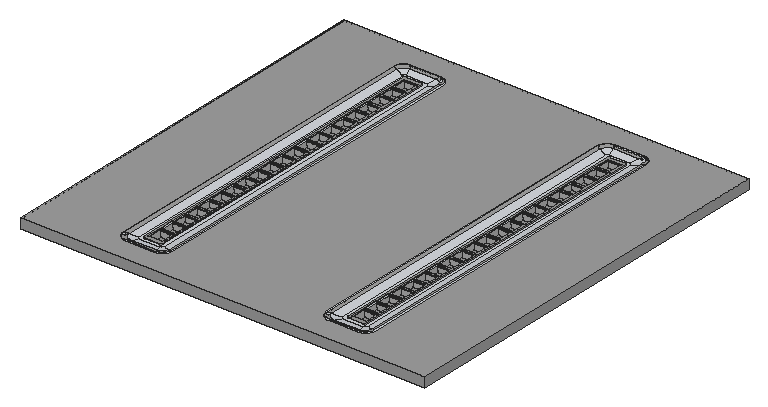
Revit family "0044010 Sylvania Lighting Fixture OptiClip 600 3000K C8 WH SSC WHITE", category Lighting Fixtures, host Face, Revit 2016
Family settings
  Host = Face
  Part Type = Normal
  Round Connector Dimension = Use Diameter
  OmniClass Number = 23.80.70.00
  OmniClass Title = Lighting
  Cut with Voids When Loaded = No
  Light Source = Yes
  Shared = No
  Room Calculation Point = No
Parameters (values of type "Type Name")
  spacer height = 5 mm
  spacer centres = 1000 mm
  height = 14.63 mm
  cut out width = 590 mm
  cut out length = 590 mm
  Width = 595 mm
  Weight = ""
  Wattage Comments = ""
  Wattage = 9.2903 W
  WarrantyStartDate [instance] = "n/a"
  WarrantyGuarantorParts = "n/a"
  WarrantyDurationUnit = "n/a"
  WarrantyDurationParts = "n/a"
  WarrantyDescription = "n/a"
  built-in parameter 1150110 = 1 (stored number, unit not read)
  Voltage = 0 V
  URL = "http://www.feilosylvania.com"
  TypeName = ""
  Type Image = <None>
  Type Comments = "n/a"
  built-in parameter 1114217 = 1 (stored number, unit not read)
  Tilt Angle = 90.00°
  built-in parameter 1150109 = 1 (stored number, unit not read)
  built-in parameter 1150134 = 3
  built-in parameter 1150113 = 1 (stored number, unit not read)
  SerialNumber [instance] = "n/a"
  Photometric Web File = "0044010.ies"
  Material_3_FEILO = none
  PowerFactor = 0
  PowerConsumption = ""
  NominalLength = 0 mm
  NominalHeight = 0 mm
  NominalDepth = 0 mm
  Name = ""
  ModelReference = Name  # ""
  ModelNumber = ""
  Model = Name  # ""
  Material = ""
  ManufacturerName = "Feilo Sylvania"
  Manufacturer = "Feilo Sylvania"
  LuminousEfficacy = ""
  built-in parameter 1150105 = 109.82 (stored number, unit not read)
  Lumens = 1380 lm
  LuminaireType = ""
  built-in parameter 1150115 = 1 (stored number, unit not read)
  LightOutputRatio = ""
  built-in parameter 1150137 = (empty or 0)
  built-in parameter 1150139 = (empty or 0)
  Length = 595 mm
  LampsType = Lamp  # ""
  LampNominalLuminous = ""
  LampMacAdamStep = ""
  LampColourTemperature = ""
  LampColourRenderingIndex = ""
  built-in parameter 1150112 = 1 (stored number, unit not read)
  built-in parameter 1150114 = 1 (stored number, unit not read)
  Lamp = ""
  Keynote = "16500"
  InstallationDate [instance] = "n/a"
  InputVoltage = ""
  InputNominalFrequency = ""
  built-in parameter 1150132 = (empty or 0)
  built-in parameter 1150102 = (empty or 0)
  built-in parameter 1150107 = 3200 (stored number, unit not read)
  built-in parameter 1150138 = (empty or 0)
  IngressProtection = ""
  ImpactProtectionIndex = ""
  built-in parameter 1150106 = 1.0982 (stored number, unit not read)
  IfcExportType = "IfcLightFixtureType"
  IfcExportAs = "IfcLightFixtureType"
  Height = 50 mm
  ExpectedLife = 50000
  Emit from Circle Diameter = 609.6 mm
  Emit Shape Visible in Rendering = no
  ElectricShockClassification = ""
  built-in parameter 1150104 = 13.8 (stored number, unit not read)
  DurationUnit = "hours"
  DocumentationLiterature = ""
  DimmingControlOptions = ""
  Material_2_FEILO = none
  Dimming Lamp Color Temperature Shift = <None>
  Description = ""
  Default Elevation = 1219.2 mm
  CreatedOn = ""
  CreatedBy = ""
  Cost = 0
  Color Filter = 16777215
  built-in parameter 1114216 [instance] = (empty or 0)
  ClassificationValue = "EF_70_80"
  ClassificationName = "Uniclass2015"
  Material_1_FEILO = none
  BarCode [instance] = "n/a"
  built-in parameter 1114218 = 1 (stored number, unit not read)
  built-in parameter 1150133 = 10 (stored number, unit not read)
  AssetType = ""
  AssetIdentifier [instance] = "n/a"
  Assembly Code = "D5020200"
  Apparent Load = 0 VA
  Material_4_FEILO = none
Reference planes
  plane 1 "Center (Front/Back)": y = 0
  plane 2: z = 0
  plane 3 "Center (Left/Right)": x = 0
  plane 4: z = 0
  plane 5: y = 297.5
  plane 6: y = -297.5
  plane 7: x = -297.5
  plane 8: x = 297.5
  plane 9: x = -295
  plane 10: x = 295
  plane 11: y = 295
  plane 12: y = -295
  plane 13: z = -14.63
  plane 14: y = 296.5
  plane 15: x = -296.5
  plane 16: x = 296.5
  plane 17: y = -296.5
  plane 18: x = -185
  plane 19: x = -113
  plane 20: y = -246.5
  plane 21: x = -184
  plane 22: y = 262
  plane 23: x = -114
  plane 24: y = -262
  plane 25: y = 245.5
  plane 26: y = -245.345
  plane 27: x = -160
  plane 28: x = -138
  plane 29: y = 236.5
  plane 30: y = -236.345
  plane 31: y = 213.35
  plane 32: y = 212.35
  plane 33: y = 190.95
  plane 34: y = 189.95
  plane 35: y = 168.595
  plane 36: y = 167.595
  plane 37: y = 146.15
  plane 38: y = 145.15
  plane 39: y = 123.75
  plane 40: y = 122.75
  plane 41: y = 101.35
  plane 42: y = 100.35
  plane 43: y = 78.95
  plane 44: y = 77.95
  plane 45: y = 56.576
  plane 46: y = 55.576
  plane 47: y = 34.15
  plane 48: y = 33.15
  plane 49: y = 11.75
  plane 50: y = 10.75
  plane 51: y = -10.65
  plane 52: y = -11.65
  plane 53: y = -33.05
  plane 54: y = -34.05
  plane 55: y = -55.45
  plane 56: y = -56.45
  plane 57: y = -77.805
  plane 58: y = -78.805
  plane 59: y = -100.25
  plane 60: y = -101.25
  plane 61: y = -122.65
  plane 62: y = -123.65
  plane 63: y = -145.05
  plane 64: y = -146.05
  plane 65: y = -167.45
  plane 66: y = -168.416
  plane 67: y = -189.816
  plane 68: y = -190.816
  plane 69: y = -212.216
  plane 70: y = -213.216
  plane 71: y = -234.616
  plane 72: x = -159.5
  plane 73: x = -138.539
  plane 74: y = 230.05
  plane 75: y = 218.05
  plane 76: x = -143.039
  plane 77: x = -155
  plane 78: x = -162.5
  plane 79: x = -135.5
  plane 80: y = 240.5
  plane 81: y = -240.345
  plane 82: y = 238
Forms (mm)
  Extrusion 1, void, detail levels medium+fine
    sketch origin (4.2, 0, 0) x (0, 1, 0) y (1, 0, 0)
      loop
        line (295, -299.2) -> (295, 290.8) -> (-295, 290.8) -> (-295, -299.2) -> (295, -299.2)
    from 0 to 10
  Extrusion 2, solid, material "Default", detail levels medium+fine
    sketch origin (4.2, 0, 0) x (1, 0, 0) y (0, 1, 0)
      loop
        line (-301.7, 297.5) -> (-301.7, -297.5) -> (293.3, -297.5) -> (293.3, 297.5) -> (-301.7, 297.5)
    from 0 to -14.63
  Extrusion 3, void, detail levels medium+fine
    sketch origin (4.2, 0, 0) x (0, 1, 0) y (1, 0, 0)
      loop
        line (296.5, -300.7) -> (296.5, 292.3) -> (-296.5, 292.3) -> (-296.5, -300.7) -> (296.5, -300.7)
    from 1.008 to 14.63
  Blend 4, solid, detail levels medium+fine
    base sketch origin (4.2, 0, 0) x (1, 0, 0) y (0, 1, 0)
      loop
        line (-189.2, 248) -> (-189.2, -248)
        arc (-189.2, -248) -> (-184.807, -258.607) -> (-174.2, -263) r 15
        line (-174.2, -263) -> (-132.2, -263)
        arc (-132.2, -263) -> (-121.593, -258.607) -> (-117.2, -248) r 15
        line (-117.2, -248) -> (-117.2, 248)
        arc (-117.2, 248) -> (-121.593, 258.607) -> (-132.2, 263) r 15
        line (-132.2, 263) -> (-174.2, 263)
        arc (-174.2, 263) -> (-184.807, 258.607) -> (-189.2, 248) r 15
    top sketch origin (4.2, 0, 0) x (1, 0, 0) y (0, 1, 0)
      loop
        line (-172.7, 242.5) -> (-172.7, -242.5)
        arc (-172.7, -242.5) -> (-171.517, -245.34) -> (-168.667, -246.5) r 4
        line (-168.667, -246.5) -> (-137.633, -246.5)
        arc (-137.633, -246.5) -> (-134.828, -245.324) -> (-133.7, -242.5) r 3.934
        line (-133.7, -242.5) -> (-133.7, 242.5)
        arc (-133.7, 242.5) -> (-134.982, 245.439) -> (-138.008, 246.5) r 4.011
        line (-138.008, 246.5) -> (-168.7, 246.5)
        arc (-168.7, 246.5) -> (-171.528, 245.328) -> (-172.7, 242.5) r 4
    from 0 to -4
  Blend 5, void
    base sketch origin (4.2, 0, 0) x (0, 1, 0) y (-1, 0, 0)
      loop
        line (248, 188.2) -> (-248, 188.2)
        arc (-248, 188.2) -> (-257.899, 184.099) -> (-262, 174.2) r 14
        line (-262, 174.2) -> (-262, 132.2)
        arc (-262, 132.2) -> (-257.899, 122.301) -> (-248, 118.2) r 14
        line (-248, 118.2) -> (248, 118.2)
        arc (248, 118.2) -> (257.899, 122.301) -> (262, 132.2) r 14
        line (262, 132.2) -> (262, 174.2)
        arc (262, 174.2) -> (257.899, 184.099) -> (248, 188.2) r 14
    top sketch origin (4.2, 0, 0) x (0, 1, 0) y (-1, 0, 0)
      loop
        line (242.5, 171.7) -> (-242.5, 171.7)
        arc (-242.5, 171.7) -> (-244.579, 170.8) -> (-245.345, 168.667) r 2.851
        line (-245.345, 168.667) -> (-245.345, 137.633)
        arc (-245.345, 137.633) -> (-244.517, 135.59) -> (-242.5, 134.7) r 2.934
        line (-242.5, 134.7) -> (242.5, 134.7)
        arc (242.5, 134.7) -> (244.733, 135.69) -> (245.5, 138.008) r 3.014
        line (245.5, 138.008) -> (245.5, 168.7)
        arc (245.5, 168.7) -> (244.621, 170.821) -> (242.5, 171.7) r 3
    from 0 to -3.5
  Extrusion 6, solid, material "Aluminum 1100-H18", detail levels medium+fine
    sketch origin (4.2, 0, 0) x (1, 0, 0) y (0, 1, 0)
      loop
        line (-164.2, 236.5) -> (-164.2, -236.345) -> (-142.2, -236.345) -> (-142.2, 236.5) -> (-164.2, 236.5)
    from -4 to -14.63
  Extrusion 7, solid, material "Aluminum 1100-H18", detail levels medium+fine
    sketch origin (4.2, 0, 0) x (1, 0, 0) y (0, 1, 0)
      loop
        line (-166.7, 238) -> (-166.7, -238.071)
        arc (-166.7, -238.071) -> (-165.953, -239.761) -> (-164.2, -240.345) r 2.284
        line (-164.2, -240.345) -> (-142.156, -240.345)
        arc (-142.156, -240.345) -> (-140.483, -239.689) -> (-139.7, -238.071) r 2.464
        line (-139.7, -238.071) -> (-139.7, 238)
        arc (-139.7, 238) -> (-140.432, 239.768) -> (-142.2, 240.5) r 2.5
        line (-142.2, 240.5) -> (-164.2, 240.5)
        arc (-164.2, 240.5) -> (-165.968, 239.768) -> (-166.7, 238) r 2.5
    from -3.5 to -2.5
  Blend 8, void
    base sketch origin (4.2, 0, 0) x (0, 1, 0) y (-1, 0, 0)
      loop
        line (234.75, 163.7) -> (213.35, 163.7) -> (213.35, 142.739) -> (234.75, 142.739) -> (234.75, 163.7)
    top sketch origin (4.2, 0, 0) x (0, 1, 0) y (-1, 0, 0)
      loop
        line (230.05, 159.2) -> (218.05, 159.2) -> (218.05, 147.239) -> (230.05, 147.239) -> (230.05, 159.2)
    from -2.5 to -11
  Blend 9, void
    base sketch origin (4.2, -22.4, 0) x (0, 1, 0) y (-1, 0, 0)
      loop
        line (234.75, 163.7) -> (213.35, 163.7) -> (213.35, 142.739) -> (234.75, 142.739) -> (234.75, 163.7)
    top sketch origin (4.2, -22.4, 0) x (0, 1, 0) y (-1, 0, 0)
      loop
        line (230.05, 159.2) -> (218.05, 159.2) -> (218.05, 147.239) -> (230.05, 147.239) -> (230.05, 159.2)
    from -2.5 to -11
  Blend 10, void
    base sketch origin (4.2, -44.8, 0) x (0, 1, 0) y (-1, 0, 0)
      loop
        line (234.75, 163.7) -> (213.35, 163.7) -> (213.35, 142.739) -> (234.75, 142.739) -> (234.75, 163.7)
    top sketch origin (4.2, -44.8, 0) x (0, 1, 0) y (-1, 0, 0)
      loop
        line (230.05, 159.2) -> (218.05, 159.2) -> (218.05, 147.239) -> (230.05, 147.239) -> (230.05, 159.2)
    from -2.5 to -11
  Blend 11, void
    base sketch origin (4.2, -67.155, 0) x (0, 1, 0) y (-1, 0, 0)
      loop
        line (234.75, 163.7) -> (213.35, 163.7) -> (213.35, 142.739) -> (234.75, 142.739) -> (234.75, 163.7)
    top sketch origin (4.2, -67.155, 0) x (0, 1, 0) y (-1, 0, 0)
      loop
        line (230.05, 159.2) -> (218.05, 159.2) -> (218.05, 147.239) -> (230.05, 147.239) -> (230.05, 159.2)
    from -2.5 to -11
  Blend 12, void
    base sketch origin (4.2, -89.6, 0) x (0, 1, 0) y (-1, 0, 0)
      loop
        line (234.75, 163.7) -> (213.35, 163.7) -> (213.35, 142.739) -> (234.75, 142.739) -> (234.75, 163.7)
    top sketch origin (4.2, -89.6, 0) x (0, 1, 0) y (-1, 0, 0)
      loop
        line (230.05, 159.2) -> (218.05, 159.2) -> (218.05, 147.239) -> (230.05, 147.239) -> (230.05, 159.2)
    from -2.5 to -11
  Blend 13, void
    base sketch origin (4.2, -112, 0) x (0, 1, 0) y (-1, 0, 0)
      loop
        line (234.75, 163.7) -> (213.35, 163.7) -> (213.35, 142.739) -> (234.75, 142.739) -> (234.75, 163.7)
    top sketch origin (4.2, -112, 0) x (0, 1, 0) y (-1, 0, 0)
      loop
        line (230.05, 159.2) -> (218.05, 159.2) -> (218.05, 147.239) -> (230.05, 147.239) -> (230.05, 159.2)
    from -2.5 to -11
  Blend 14, void
    base sketch origin (4.2, -134.4, 0) x (0, 1, 0) y (-1, 0, 0)
      loop
        line (234.75, 163.7) -> (213.35, 163.7) -> (213.35, 142.739) -> (234.75, 142.739) -> (234.75, 163.7)
    top sketch origin (4.2, -134.4, 0) x (0, 1, 0) y (-1, 0, 0)
      loop
        line (230.05, 159.2) -> (218.05, 159.2) -> (218.05, 147.239) -> (230.05, 147.239) -> (230.05, 159.2)
    from -2.5 to -11
  Blend 15, void
    base sketch origin (4.2, -156.8, 0) x (0, 1, 0) y (-1, 0, 0)
      loop
        line (234.75, 163.7) -> (213.35, 163.7) -> (213.35, 142.739) -> (234.75, 142.739) -> (234.75, 163.7)
    top sketch origin (4.2, -156.8, 0) x (0, 1, 0) y (-1, 0, 0)
      loop
        line (230.05, 159.2) -> (218.05, 159.2) -> (218.05, 147.239) -> (230.05, 147.239) -> (230.05, 159.2)
    from -2.5 to -11
  Blend 16, void
    base sketch origin (4.2, -179.174, 0) x (0, 1, 0) y (-1, 0, 0)
      loop
        line (234.75, 163.7) -> (213.35, 163.7) -> (213.35, 142.739) -> (234.75, 142.739) -> (234.75, 163.7)
    top sketch origin (4.2, -179.174, 0) x (0, 1, 0) y (-1, 0, 0)
      loop
        line (230.05, 159.2) -> (218.05, 159.2) -> (218.05, 147.239) -> (230.05, 147.239) -> (230.05, 159.2)
    from -2.5 to -11
  Blend 17, void
    base sketch origin (4.2, -201.6, 0) x (0, 1, 0) y (-1, 0, 0)
      loop
        line (234.75, 163.7) -> (213.35, 163.7) -> (213.35, 142.739) -> (234.75, 142.739) -> (234.75, 163.7)
    top sketch origin (4.2, -201.6, 0) x (0, 1, 0) y (-1, 0, 0)
      loop
        line (230.05, 159.2) -> (218.05, 159.2) -> (218.05, 147.239) -> (230.05, 147.239) -> (230.05, 159.2)
    from -2.5 to -11
  Blend 18, void
    base sketch origin (4.2, -224, 0) x (0, 1, 0) y (-1, 0, 0)
      loop
        line (234.75, 163.7) -> (213.35, 163.7) -> (213.35, 142.739) -> (234.75, 142.739) -> (234.75, 163.7)
    top sketch origin (4.2, -224, 0) x (0, 1, 0) y (-1, 0, 0)
      loop
        line (230.05, 159.2) -> (218.05, 159.2) -> (218.05, 147.239) -> (230.05, 147.239) -> (230.05, 159.2)
    from -2.5 to -11
  Blend 19, void
    base sketch origin (4.2, -246.4, 0) x (0, 1, 0) y (-1, 0, 0)
      loop
        line (234.75, 163.7) -> (213.35, 163.7) -> (213.35, 142.739) -> (234.75, 142.739) -> (234.75, 163.7)
    top sketch origin (4.2, -246.4, 0) x (0, 1, 0) y (-1, 0, 0)
      loop
        line (230.05, 159.2) -> (218.05, 159.2) -> (218.05, 147.239) -> (230.05, 147.239) -> (230.05, 159.2)
    from -2.5 to -11
  Blend 20, void
    base sketch origin (4.2, -268.8, 0) x (0, 1, 0) y (-1, 0, 0)
      loop
        line (234.75, 163.7) -> (213.35, 163.7) -> (213.35, 142.739) -> (234.75, 142.739) -> (234.75, 163.7)
    top sketch origin (4.2, -268.8, 0) x (0, 1, 0) y (-1, 0, 0)
      loop
        line (230.05, 159.2) -> (218.05, 159.2) -> (218.05, 147.239) -> (230.05, 147.239) -> (230.05, 159.2)
    from -2.5 to -11
  Blend 21, void
    base sketch origin (4.2, -291.2, 0) x (0, 1, 0) y (-1, 0, 0)
      loop
        line (234.75, 163.7) -> (213.35, 163.7) -> (213.35, 142.739) -> (234.75, 142.739) -> (234.75, 163.7)
    top sketch origin (4.2, -291.2, 0) x (0, 1, 0) y (-1, 0, 0)
      loop
        line (230.05, 159.2) -> (218.05, 159.2) -> (218.05, 147.239) -> (230.05, 147.239) -> (230.05, 159.2)
    from -2.5 to -11
  Blend 22, void
    base sketch origin (4.2, -313.555, 0) x (0, 1, 0) y (-1, 0, 0)
      loop
        line (234.75, 163.7) -> (213.35, 163.7) -> (213.35, 142.739) -> (234.75, 142.739) -> (234.75, 163.7)
    top sketch origin (4.2, -313.555, 0) x (0, 1, 0) y (-1, 0, 0)
      loop
        line (230.05, 159.2) -> (218.05, 159.2) -> (218.05, 147.239) -> (230.05, 147.239) -> (230.05, 159.2)
    from -2.5 to -11
  Blend 23, void
    base sketch origin (4.2, -336, 0) x (0, 1, 0) y (-1, 0, 0)
      loop
        line (234.75, 163.7) -> (213.35, 163.7) -> (213.35, 142.739) -> (234.75, 142.739) -> (234.75, 163.7)
    top sketch origin (4.2, -336, 0) x (0, 1, 0) y (-1, 0, 0)
      loop
        line (230.05, 159.2) -> (218.05, 159.2) -> (218.05, 147.239) -> (230.05, 147.239) -> (230.05, 159.2)
    from -2.5 to -11
  Blend 24, void
    base sketch origin (4.2, -358.4, 0) x (0, 1, 0) y (-1, 0, 0)
      loop
        line (234.75, 163.7) -> (213.35, 163.7) -> (213.35, 142.739) -> (234.75, 142.739) -> (234.75, 163.7)
    top sketch origin (4.2, -358.4, 0) x (0, 1, 0) y (-1, 0, 0)
      loop
        line (230.05, 159.2) -> (218.05, 159.2) -> (218.05, 147.239) -> (230.05, 147.239) -> (230.05, 159.2)
    from -2.5 to -11
  Blend 25, void
    base sketch origin (4.2, -380.8, 0) x (0, 1, 0) y (-1, 0, 0)
      loop
        line (234.75, 163.7) -> (213.35, 163.7) -> (213.35, 142.739) -> (234.75, 142.739) -> (234.75, 163.7)
    top sketch origin (4.2, -380.8, 0) x (0, 1, 0) y (-1, 0, 0)
      loop
        line (230.05, 159.2) -> (218.05, 159.2) -> (218.05, 147.239) -> (230.05, 147.239) -> (230.05, 159.2)
    from -2.5 to -11
  Extrusion 26, solid, material "Glass, White, High Luminance", detail levels fine
    sketch origin (4.2, 0, 0) x (1, 0, 0) y (0, 1, 0)
      loop
        line (-159.2, 230.05) -> (-159.2, 218.05) -> (-147.239, 218.05) -> (-147.239, 230.05) -> (-159.2, 230.05)
    from -11 to -10
  Extrusion 27, solid, material "Glass, White, High Luminance", detail levels fine
    sketch origin (4.2, -22.4, 0) x (1, 0, 0) y (0, 1, 0)
      loop
        line (-159.2, 230.05) -> (-159.2, 218.05) -> (-147.239, 218.05) -> (-147.239, 230.05) -> (-159.2, 230.05)
    from -11 to -10
  Extrusion 28, solid, material "Glass, White, High Luminance", detail levels fine
    sketch origin (4.2, -44.8, 0) x (1, 0, 0) y (0, 1, 0)
      loop
        line (-159.2, 230.05) -> (-159.2, 218.05) -> (-147.239, 218.05) -> (-147.239, 230.05) -> (-159.2, 230.05)
    from -11 to -10
  Extrusion 29, solid, material "Glass, White, High Luminance", detail levels fine
    sketch origin (4.2, -67.155, 0) x (1, 0, 0) y (0, 1, 0)
      loop
        line (-159.2, 230.05) -> (-159.2, 218.05) -> (-147.239, 218.05) -> (-147.239, 230.05) -> (-159.2, 230.05)
    from -11 to -10
  Extrusion 30, solid, material "Glass, White, High Luminance", detail levels fine
    sketch origin (4.2, -89.6, 0) x (1, 0, 0) y (0, 1, 0)
      loop
        line (-159.2, 230.05) -> (-159.2, 218.05) -> (-147.239, 218.05) -> (-147.239, 230.05) -> (-159.2, 230.05)
    from -11 to -10
  Extrusion 31, solid, material "Glass, White, High Luminance", detail levels fine
    sketch origin (4.2, -112, 0) x (1, 0, 0) y (0, 1, 0)
      loop
        line (-159.2, 230.05) -> (-159.2, 218.05) -> (-147.239, 218.05) -> (-147.239, 230.05) -> (-159.2, 230.05)
    from -11 to -10
  Extrusion 32, solid, material "Glass, White, High Luminance", detail levels fine
    sketch origin (4.2, -134.4, 0) x (1, 0, 0) y (0, 1, 0)
      loop
        line (-159.2, 230.05) -> (-159.2, 218.05) -> (-147.239, 218.05) -> (-147.239, 230.05) -> (-159.2, 230.05)
    from -11 to -10
  Extrusion 33, solid, material "Glass, White, High Luminance", detail levels fine
    sketch origin (4.2, -156.8, 0) x (1, 0, 0) y (0, 1, 0)
      loop
        line (-159.2, 230.05) -> (-159.2, 218.05) -> (-147.239, 218.05) -> (-147.239, 230.05) -> (-159.2, 230.05)
    from -11 to -10
  Extrusion 34, solid, material "Glass, White, High Luminance", detail levels fine
    sketch origin (4.2, -179.174, 0) x (1, 0, 0) y (0, 1, 0)
      loop
        line (-159.2, 230.05) -> (-159.2, 218.05) -> (-147.239, 218.05) -> (-147.239, 230.05) -> (-159.2, 230.05)
    from -11 to -10
  Extrusion 35, solid, material "Glass, White, High Luminance", detail levels fine
    sketch origin (4.2, -201.6, 0) x (1, 0, 0) y (0, 1, 0)
      loop
        line (-159.2, 230.05) -> (-159.2, 218.05) -> (-147.239, 218.05) -> (-147.239, 230.05) -> (-159.2, 230.05)
    from -11 to -10
  Extrusion 36, solid, material "Glass, White, High Luminance", detail levels fine
    sketch origin (4.2, -224, 0) x (1, 0, 0) y (0, 1, 0)
      loop
        line (-159.2, 230.05) -> (-159.2, 218.05) -> (-147.239, 218.05) -> (-147.239, 230.05) -> (-159.2, 230.05)
    from -11 to -10
  Extrusion 37, solid, material "Glass, White, High Luminance", detail levels fine
    sketch origin (4.2, -246.4, 0) x (1, 0, 0) y (0, 1, 0)
      loop
        line (-159.2, 230.05) -> (-159.2, 218.05) -> (-147.239, 218.05) -> (-147.239, 230.05) -> (-159.2, 230.05)
    from -11 to -10
  Extrusion 38, solid, material "Glass, White, High Luminance", detail levels fine
    sketch origin (4.2, -268.8, 0) x (1, 0, 0) y (0, 1, 0)
      loop
        line (-159.2, 230.05) -> (-159.2, 218.05) -> (-147.239, 218.05) -> (-147.239, 230.05) -> (-159.2, 230.05)
    from -11 to -10
  Extrusion 39, solid, material "Glass, White, High Luminance", detail levels fine
    sketch origin (4.2, -291.2, 0) x (1, 0, 0) y (0, 1, 0)
      loop
        line (-159.2, 230.05) -> (-159.2, 218.05) -> (-147.239, 218.05) -> (-147.239, 230.05) -> (-159.2, 230.05)
    from -11 to -10
  Extrusion 40, solid, material "Glass, White, High Luminance", detail levels fine
    sketch origin (4.2, -313.555, 0) x (1, 0, 0) y (0, 1, 0)
      loop
        line (-159.2, 230.05) -> (-159.2, 218.05) -> (-147.239, 218.05) -> (-147.239, 230.05) -> (-159.2, 230.05)
    from -11 to -10
  Extrusion 41, solid, material "Glass, White, High Luminance", detail levels fine
    sketch origin (4.2, -336, 0) x (1, 0, 0) y (0, 1, 0)
      loop
        line (-159.2, 230.05) -> (-159.2, 218.05) -> (-147.239, 218.05) -> (-147.239, 230.05) -> (-159.2, 230.05)
    from -11 to -10
  Extrusion 42, solid, material "Glass, White, High Luminance", detail levels fine
    sketch origin (4.2, -358.4, 0) x (1, 0, 0) y (0, 1, 0)
      loop
        line (-159.2, 230.05) -> (-159.2, 218.05) -> (-147.239, 218.05) -> (-147.239, 230.05) -> (-159.2, 230.05)
    from -11 to -10
  Extrusion 43, solid, material "Glass, White, High Luminance", detail levels fine
    sketch origin (4.2, -380.8, 0) x (1, 0, 0) y (0, 1, 0)
      loop
        line (-159.2, 230.05) -> (-159.2, 218.05) -> (-147.239, 218.05) -> (-147.239, 230.05) -> (-159.2, 230.05)
    from -11 to -10
  Extrusion 44, solid, material "Glass, White, High Luminance", detail levels fine
    sketch origin (3.419, -403.166, 0) x (1, 0, 0) y (0, 1, 0)
      loop
        line (-158.419, 230.05) -> (-158.419, 218.05) -> (-146.458, 218.05) -> (-146.458, 230.05) -> (-158.419, 230.05)
    from -11 to -10
  Extrusion 45, solid, material "Glass, White, High Luminance", detail levels fine
    sketch origin (3.419, -425.566, 0) x (1, 0, 0) y (0, 1, 0)
      loop
        line (-158.419, 230.05) -> (-158.419, 218.05) -> (-146.458, 218.05) -> (-146.458, 230.05) -> (-158.419, 230.05)
    from -11 to -10
  Extrusion 46, solid, material "Glass, White, High Luminance", detail levels fine
    sketch origin (3.419, -447.966, 0) x (1, 0, 0) y (0, 1, 0)
      loop
        line (-158.419, 230.05) -> (-158.419, 218.05) -> (-146.458, 218.05) -> (-146.458, 230.05) -> (-158.419, 230.05)
    from -11 to -10
  Blend 47, solid, detail levels medium+fine
    base sketch origin (303.2, 0, 0) x (1, 0, 0) y (0, 1, 0)
      loop
        line (-189.2, 248) -> (-189.2, -248)
        arc (-189.2, -248) -> (-184.807, -258.607) -> (-174.2, -263) r 15
        line (-174.2, -263) -> (-132.2, -263)
        arc (-132.2, -263) -> (-121.593, -258.607) -> (-117.2, -248) r 15
        line (-117.2, -248) -> (-117.2, 248)
        arc (-117.2, 248) -> (-121.593, 258.607) -> (-132.2, 263) r 15
        line (-132.2, 263) -> (-174.2, 263)
        arc (-174.2, 263) -> (-184.807, 258.607) -> (-189.2, 248) r 15
    top sketch origin (303.2, 0, 0) x (1, 0, 0) y (0, 1, 0)
      loop
        line (-172.7, 242.5) -> (-172.7, -242.5)
        arc (-172.7, -242.5) -> (-171.517, -245.34) -> (-168.667, -246.5) r 4
        line (-168.667, -246.5) -> (-137.633, -246.5)
        arc (-137.633, -246.5) -> (-134.828, -245.324) -> (-133.7, -242.5) r 3.934
        line (-133.7, -242.5) -> (-133.7, 242.5)
        arc (-133.7, 242.5) -> (-134.982, 245.439) -> (-138.008, 246.5) r 4.011
        line (-138.008, 246.5) -> (-168.7, 246.5)
        arc (-168.7, 246.5) -> (-171.528, 245.328) -> (-172.7, 242.5) r 4
    from 0 to -4
  Blend 48, void
    base sketch origin (303.2, 0, 0) x (0, 1, 0) y (-1, 0, 0)
      loop
        line (248, 188.2) -> (-248, 188.2)
        arc (-248, 188.2) -> (-257.899, 184.099) -> (-262, 174.2) r 14
        line (-262, 174.2) -> (-262, 132.2)
        arc (-262, 132.2) -> (-257.899, 122.301) -> (-248, 118.2) r 14
        line (-248, 118.2) -> (248, 118.2)
        arc (248, 118.2) -> (257.899, 122.301) -> (262, 132.2) r 14
        line (262, 132.2) -> (262, 174.2)
        arc (262, 174.2) -> (257.899, 184.099) -> (248, 188.2) r 14
    top sketch origin (303.2, 0, 0) x (0, 1, 0) y (-1, 0, 0)
      loop
        line (242.5, 171.7) -> (-242.5, 171.7)
        arc (-242.5, 171.7) -> (-244.579, 170.8) -> (-245.345, 168.667) r 2.851
        line (-245.345, 168.667) -> (-245.345, 137.633)
        arc (-245.345, 137.633) -> (-244.517, 135.59) -> (-242.5, 134.7) r 2.934
        line (-242.5, 134.7) -> (242.5, 134.7)
        arc (242.5, 134.7) -> (244.733, 135.69) -> (245.5, 138.008) r 3.014
        line (245.5, 138.008) -> (245.5, 168.7)
        arc (245.5, 168.7) -> (244.621, 170.821) -> (242.5, 171.7) r 3
    from 0 to -3.5
  Extrusion 49, solid, material "Aluminum 1100-H18", detail levels medium+fine
    sketch origin (304.2, 0, 0) x (1, 0, 0) y (0, 1, 0)
      loop
        line (-164.2, 236.5) -> (-164.2, -236.345) -> (-142.2, -236.345) -> (-142.2, 236.5) -> (-164.2, 236.5)
    from -4 to -14.63
  Blend 50, void
    base sketch origin (4.2, -403.166, 0) x (0, 1, 0) y (-1, 0, 0)
      loop
        line (234.75, 163.7) -> (213.35, 163.7) -> (213.35, 142.739) -> (234.75, 142.739) -> (234.75, 163.7)
    top sketch origin (4.2, -403.166, 0) x (0, 1, 0) y (-1, 0, 0)
      loop
        line (230.05, 159.2) -> (218.05, 159.2) -> (218.05, 147.239) -> (230.05, 147.239) -> (230.05, 159.2)
    from -2.5 to -11
  Blend 51, void
    base sketch origin (4.2, -425.566, 0) x (0, 1, 0) y (-1, 0, 0)
      loop
        line (234.75, 163.7) -> (213.35, 163.7) -> (213.35, 142.739) -> (234.75, 142.739) -> (234.75, 163.7)
    top sketch origin (4.2, -425.566, 0) x (0, 1, 0) y (-1, 0, 0)
      loop
        line (230.05, 159.2) -> (218.05, 159.2) -> (218.05, 147.239) -> (230.05, 147.239) -> (230.05, 159.2)
    from -2.5 to -11
  Blend 52, void
    base sketch origin (4.2, -447.966, 0) x (0, 1, 0) y (-1, 0, 0)
      loop
        line (234.75, 163.7) -> (213.35, 163.7) -> (213.35, 142.739) -> (234.75, 142.739) -> (234.75, 163.7)
    top sketch origin (4.2, -447.966, 0) x (0, 1, 0) y (-1, 0, 0)
      loop
        line (230.05, 159.2) -> (218.05, 159.2) -> (218.05, 147.239) -> (230.05, 147.239) -> (230.05, 159.2)
    from -2.5 to -11
  Extrusion 53, solid, material "Aluminum 1100-H18", detail levels medium+fine
    sketch origin (304.2, 0, 0) x (1, 0, 0) y (0, 1, 0)
      loop
        line (-166.7, 238) -> (-166.7, -238.071)
        arc (-166.7, -238.071) -> (-165.953, -239.761) -> (-164.2, -240.345) r 2.284
        line (-164.2, -240.345) -> (-142.156, -240.345)
        arc (-142.156, -240.345) -> (-140.483, -239.689) -> (-139.7, -238.071) r 2.464
        line (-139.7, -238.071) -> (-139.7, 238)
        arc (-139.7, 238) -> (-140.432, 239.768) -> (-142.2, 240.5) r 2.5
        line (-142.2, 240.5) -> (-164.2, 240.5)
        arc (-164.2, 240.5) -> (-165.968, 239.768) -> (-166.7, 238) r 2.5
    from -3.5 to -2.5
  Blend 54, void
    base sketch origin (304.2, 0, 0) x (0, 1, 0) y (-1, 0, 0)
      loop
        line (234.75, 163.7) -> (213.35, 163.7) -> (213.35, 142.739) -> (234.75, 142.739) -> (234.75, 163.7)
    top sketch origin (304.2, 0, 0) x (0, 1, 0) y (-1, 0, 0)
      loop
        line (230.05, 159.2) -> (218.05, 159.2) -> (218.05, 147.239) -> (230.05, 147.239) -> (230.05, 159.2)
    from -2.5 to -11
  Blend 55, void
    base sketch origin (304.2, -22.4, 0) x (0, 1, 0) y (-1, 0, 0)
      loop
        line (234.75, 163.7) -> (213.35, 163.7) -> (213.35, 142.739) -> (234.75, 142.739) -> (234.75, 163.7)
    top sketch origin (304.2, -22.4, 0) x (0, 1, 0) y (-1, 0, 0)
      loop
        line (230.05, 159.2) -> (218.05, 159.2) -> (218.05, 147.239) -> (230.05, 147.239) -> (230.05, 159.2)
    from -2.5 to -11
  Blend 56, void
    base sketch origin (304.2, -44.8, 0) x (0, 1, 0) y (-1, 0, 0)
      loop
        line (234.75, 163.7) -> (213.35, 163.7) -> (213.35, 142.739) -> (234.75, 142.739) -> (234.75, 163.7)
    top sketch origin (304.2, -44.8, 0) x (0, 1, 0) y (-1, 0, 0)
      loop
        line (230.05, 159.2) -> (218.05, 159.2) -> (218.05, 147.239) -> (230.05, 147.239) -> (230.05, 159.2)
    from -2.5 to -11
  Blend 57, void
    base sketch origin (304.2, -67.155, 0) x (0, 1, 0) y (-1, 0, 0)
      loop
        line (234.75, 163.7) -> (213.35, 163.7) -> (213.35, 142.739) -> (234.75, 142.739) -> (234.75, 163.7)
    top sketch origin (304.2, -67.155, 0) x (0, 1, 0) y (-1, 0, 0)
      loop
        line (230.05, 159.2) -> (218.05, 159.2) -> (218.05, 147.239) -> (230.05, 147.239) -> (230.05, 159.2)
    from -2.5 to -11
  Blend 58, void
    base sketch origin (304.2, -89.6, 0) x (0, 1, 0) y (-1, 0, 0)
      loop
        line (234.75, 163.7) -> (213.35, 163.7) -> (213.35, 142.739) -> (234.75, 142.739) -> (234.75, 163.7)
    top sketch origin (304.2, -89.6, 0) x (0, 1, 0) y (-1, 0, 0)
      loop
        line (230.05, 159.2) -> (218.05, 159.2) -> (218.05, 147.239) -> (230.05, 147.239) -> (230.05, 159.2)
    from -2.5 to -11
  Blend 59, void
    base sketch origin (304.2, -112, 0) x (0, 1, 0) y (-1, 0, 0)
      loop
        line (234.75, 163.7) -> (213.35, 163.7) -> (213.35, 142.739) -> (234.75, 142.739) -> (234.75, 163.7)
    top sketch origin (304.2, -112, 0) x (0, 1, 0) y (-1, 0, 0)
      loop
        line (230.05, 159.2) -> (218.05, 159.2) -> (218.05, 147.239) -> (230.05, 147.239) -> (230.05, 159.2)
    from -2.5 to -11
  Blend 60, void
    base sketch origin (304.2, -134.4, 0) x (0, 1, 0) y (-1, 0, 0)
      loop
        line (234.75, 163.7) -> (213.35, 163.7) -> (213.35, 142.739) -> (234.75, 142.739) -> (234.75, 163.7)
    top sketch origin (304.2, -134.4, 0) x (0, 1, 0) y (-1, 0, 0)
      loop
        line (230.05, 159.2) -> (218.05, 159.2) -> (218.05, 147.239) -> (230.05, 147.239) -> (230.05, 159.2)
    from -2.5 to -11
  Blend 61, void
    base sketch origin (304.2, -156.8, 0) x (0, 1, 0) y (-1, 0, 0)
      loop
        line (234.75, 163.7) -> (213.35, 163.7) -> (213.35, 142.739) -> (234.75, 142.739) -> (234.75, 163.7)
    top sketch origin (304.2, -156.8, 0) x (0, 1, 0) y (-1, 0, 0)
      loop
        line (230.05, 159.2) -> (218.05, 159.2) -> (218.05, 147.239) -> (230.05, 147.239) -> (230.05, 159.2)
    from -2.5 to -11
  Blend 62, void
    base sketch origin (304.2, -179.174, 0) x (0, 1, 0) y (-1, 0, 0)
      loop
        line (234.75, 163.7) -> (213.35, 163.7) -> (213.35, 142.739) -> (234.75, 142.739) -> (234.75, 163.7)
    top sketch origin (304.2, -179.174, 0) x (0, 1, 0) y (-1, 0, 0)
      loop
        line (230.05, 159.2) -> (218.05, 159.2) -> (218.05, 147.239) -> (230.05, 147.239) -> (230.05, 159.2)
    from -2.5 to -11
  Blend 63, void
    base sketch origin (304.2, -201.6, 0) x (0, 1, 0) y (-1, 0, 0)
      loop
        line (234.75, 163.7) -> (213.35, 163.7) -> (213.35, 142.739) -> (234.75, 142.739) -> (234.75, 163.7)
    top sketch origin (304.2, -201.6, 0) x (0, 1, 0) y (-1, 0, 0)
      loop
        line (230.05, 159.2) -> (218.05, 159.2) -> (218.05, 147.239) -> (230.05, 147.239) -> (230.05, 159.2)
    from -2.5 to -11
  Blend 64, void
    base sketch origin (304.2, -224, 0) x (0, 1, 0) y (-1, 0, 0)
      loop
        line (234.75, 163.7) -> (213.35, 163.7) -> (213.35, 142.739) -> (234.75, 142.739) -> (234.75, 163.7)
    top sketch origin (304.2, -224, 0) x (0, 1, 0) y (-1, 0, 0)
      loop
        line (230.05, 159.2) -> (218.05, 159.2) -> (218.05, 147.239) -> (230.05, 147.239) -> (230.05, 159.2)
    from -2.5 to -11
  Blend 65, void
    base sketch origin (304.2, -246.4, 0) x (0, 1, 0) y (-1, 0, 0)
      loop
        line (234.75, 163.7) -> (213.35, 163.7) -> (213.35, 142.739) -> (234.75, 142.739) -> (234.75, 163.7)
    top sketch origin (304.2, -246.4, 0) x (0, 1, 0) y (-1, 0, 0)
      loop
        line (230.05, 159.2) -> (218.05, 159.2) -> (218.05, 147.239) -> (230.05, 147.239) -> (230.05, 159.2)
    from -2.5 to -11
  Blend 66, void
    base sketch origin (304.2, -268.8, 0) x (0, 1, 0) y (-1, 0, 0)
      loop
        line (234.75, 163.7) -> (213.35, 163.7) -> (213.35, 142.739) -> (234.75, 142.739) -> (234.75, 163.7)
    top sketch origin (304.2, -268.8, 0) x (0, 1, 0) y (-1, 0, 0)
      loop
        line (230.05, 159.2) -> (218.05, 159.2) -> (218.05, 147.239) -> (230.05, 147.239) -> (230.05, 159.2)
    from -2.5 to -11
  Blend 67, void
    base sketch origin (304.2, -291.2, 0) x (0, 1, 0) y (-1, 0, 0)
      loop
        line (234.75, 163.7) -> (213.35, 163.7) -> (213.35, 142.739) -> (234.75, 142.739) -> (234.75, 163.7)
    top sketch origin (304.2, -291.2, 0) x (0, 1, 0) y (-1, 0, 0)
      loop
        line (230.05, 159.2) -> (218.05, 159.2) -> (218.05, 147.239) -> (230.05, 147.239) -> (230.05, 159.2)
    from -2.5 to -11
  Blend 68, void
    base sketch origin (304.2, -313.555, 0) x (0, 1, 0) y (-1, 0, 0)
      loop
        line (234.75, 163.7) -> (213.35, 163.7) -> (213.35, 142.739) -> (234.75, 142.739) -> (234.75, 163.7)
    top sketch origin (304.2, -313.555, 0) x (0, 1, 0) y (-1, 0, 0)
      loop
        line (230.05, 159.2) -> (218.05, 159.2) -> (218.05, 147.239) -> (230.05, 147.239) -> (230.05, 159.2)
    from -2.5 to -11
  Blend 69, void
    base sketch origin (304.2, -336, 0) x (0, 1, 0) y (-1, 0, 0)
      loop
        line (234.75, 163.7) -> (213.35, 163.7) -> (213.35, 142.739) -> (234.75, 142.739) -> (234.75, 163.7)
    top sketch origin (304.2, -336, 0) x (0, 1, 0) y (-1, 0, 0)
      loop
        line (230.05, 159.2) -> (218.05, 159.2) -> (218.05, 147.239) -> (230.05, 147.239) -> (230.05, 159.2)
    from -2.5 to -11
  Blend 70, void
    base sketch origin (304.2, -358.4, 0) x (0, 1, 0) y (-1, 0, 0)
      loop
        line (234.75, 163.7) -> (213.35, 163.7) -> (213.35, 142.739) -> (234.75, 142.739) -> (234.75, 163.7)
    top sketch origin (304.2, -358.4, 0) x (0, 1, 0) y (-1, 0, 0)
      loop
        line (230.05, 159.2) -> (218.05, 159.2) -> (218.05, 147.239) -> (230.05, 147.239) -> (230.05, 159.2)
    from -2.5 to -11
  Blend 71, void
    base sketch origin (304.2, -380.8, 0) x (0, 1, 0) y (-1, 0, 0)
      loop
        line (234.75, 163.7) -> (213.35, 163.7) -> (213.35, 142.739) -> (234.75, 142.739) -> (234.75, 163.7)
    top sketch origin (304.2, -380.8, 0) x (0, 1, 0) y (-1, 0, 0)
      loop
        line (230.05, 159.2) -> (218.05, 159.2) -> (218.05, 147.239) -> (230.05, 147.239) -> (230.05, 159.2)
    from -2.5 to -11
  Blend 72, void
    base sketch origin (304.2, -403.166, 0) x (0, 1, 0) y (-1, 0, 0)
      loop
        line (234.75, 163.7) -> (213.35, 163.7) -> (213.35, 142.739) -> (234.75, 142.739) -> (234.75, 163.7)
    top sketch origin (304.2, -403.166, 0) x (0, 1, 0) y (-1, 0, 0)
      loop
        line (230.05, 159.2) -> (218.05, 159.2) -> (218.05, 147.239) -> (230.05, 147.239) -> (230.05, 159.2)
    from -2.5 to -11
  Blend 73, void
    base sketch origin (304.2, -425.566, 0) x (0, 1, 0) y (-1, 0, 0)
      loop
        line (234.75, 163.7) -> (213.35, 163.7) -> (213.35, 142.739) -> (234.75, 142.739) -> (234.75, 163.7)
    top sketch origin (304.2, -425.566, 0) x (0, 1, 0) y (-1, 0, 0)
      loop
        line (230.05, 159.2) -> (218.05, 159.2) -> (218.05, 147.239) -> (230.05, 147.239) -> (230.05, 159.2)
    from -2.5 to -11
  Blend 74, void
    base sketch origin (304.2, -447.966, 0) x (0, 1, 0) y (-1, 0, 0)
      loop
        line (234.75, 163.7) -> (213.35, 163.7) -> (213.35, 142.739) -> (234.75, 142.739) -> (234.75, 163.7)
    top sketch origin (304.2, -447.966, 0) x (0, 1, 0) y (-1, 0, 0)
      loop
        line (230.05, 159.2) -> (218.05, 159.2) -> (218.05, 147.239) -> (230.05, 147.239) -> (230.05, 159.2)
    from -2.5 to -11
  Extrusion 75, solid, material "Glass, White, High Luminance", detail levels fine
    sketch origin (304.2, 0, 0) x (1, 0, 0) y (0, 1, 0)
      loop
        line (-159.2, 230.05) -> (-159.2, 218.05) -> (-147.239, 218.05) -> (-147.239, 230.05) -> (-159.2, 230.05)
    from -11 to -10
  Extrusion 76, solid, material "Glass, White, High Luminance", detail levels fine
    sketch origin (304.2, -22.4, 0) x (1, 0, 0) y (0, 1, 0)
      loop
        line (-159.2, 230.05) -> (-159.2, 218.05) -> (-147.239, 218.05) -> (-147.239, 230.05) -> (-159.2, 230.05)
    from -11 to -10
  Extrusion 77, solid, material "Glass, White, High Luminance", detail levels fine
    sketch origin (304.2, -44.8, 0) x (1, 0, 0) y (0, 1, 0)
      loop
        line (-159.2, 230.05) -> (-159.2, 218.05) -> (-147.239, 218.05) -> (-147.239, 230.05) -> (-159.2, 230.05)
    from -11 to -10
  Extrusion 78, solid, material "Glass, White, High Luminance", detail levels fine
    sketch origin (304.2, -67.155, 0) x (1, 0, 0) y (0, 1, 0)
      loop
        line (-159.2, 230.05) -> (-159.2, 218.05) -> (-147.239, 218.05) -> (-147.239, 230.05) -> (-159.2, 230.05)
    from -11 to -10
  Extrusion 79, solid, material "Glass, White, High Luminance", detail levels fine
    sketch origin (304.2, -89.6, 0) x (1, 0, 0) y (0, 1, 0)
      loop
        line (-159.2, 230.05) -> (-159.2, 218.05) -> (-147.239, 218.05) -> (-147.239, 230.05) -> (-159.2, 230.05)
    from -11 to -10
  Extrusion 80, solid, material "Glass, White, High Luminance", detail levels fine
    sketch origin (304.2, -112, 0) x (1, 0, 0) y (0, 1, 0)
      loop
        line (-159.2, 230.05) -> (-159.2, 218.05) -> (-147.239, 218.05) -> (-147.239, 230.05) -> (-159.2, 230.05)
    from -11 to -10
  Extrusion 81, solid, material "Glass, White, High Luminance", detail levels fine
    sketch origin (304.2, -134.4, 0) x (1, 0, 0) y (0, 1, 0)
      loop
        line (-159.2, 230.05) -> (-159.2, 218.05) -> (-147.239, 218.05) -> (-147.239, 230.05) -> (-159.2, 230.05)
    from -11 to -10
  Extrusion 82, solid, material "Glass, White, High Luminance", detail levels fine
    sketch origin (304.2, -156.8, 0) x (1, 0, 0) y (0, 1, 0)
      loop
        line (-159.2, 230.05) -> (-159.2, 218.05) -> (-147.239, 218.05) -> (-147.239, 230.05) -> (-159.2, 230.05)
    from -11 to -10
  Extrusion 83, solid, material "Glass, White, High Luminance", detail levels fine
    sketch origin (304.2, -179.174, 0) x (1, 0, 0) y (0, 1, 0)
      loop
        line (-159.2, 230.05) -> (-159.2, 218.05) -> (-147.239, 218.05) -> (-147.239, 230.05) -> (-159.2, 230.05)
    from -11 to -10
  Extrusion 84, solid, material "Glass, White, High Luminance", detail levels fine
    sketch origin (304.2, -201.6, 0) x (1, 0, 0) y (0, 1, 0)
      loop
        line (-159.2, 230.05) -> (-159.2, 218.05) -> (-147.239, 218.05) -> (-147.239, 230.05) -> (-159.2, 230.05)
    from -11 to -10
  Extrusion 85, solid, material "Glass, White, High Luminance", detail levels fine
    sketch origin (304.2, -224, 0) x (1, 0, 0) y (0, 1, 0)
      loop
        line (-159.2, 230.05) -> (-159.2, 218.05) -> (-147.239, 218.05) -> (-147.239, 230.05) -> (-159.2, 230.05)
    from -11 to -10
  Extrusion 86, solid, material "Glass, White, High Luminance", detail levels fine
    sketch origin (304.2, -246.4, 0) x (1, 0, 0) y (0, 1, 0)
      loop
        line (-159.2, 230.05) -> (-159.2, 218.05) -> (-147.239, 218.05) -> (-147.239, 230.05) -> (-159.2, 230.05)
    from -11 to -10
  Extrusion 87, solid, material "Glass, White, High Luminance", detail levels fine
    sketch origin (304.2, -268.8, 0) x (1, 0, 0) y (0, 1, 0)
      loop
        line (-159.2, 230.05) -> (-159.2, 218.05) -> (-147.239, 218.05) -> (-147.239, 230.05) -> (-159.2, 230.05)
    from -11 to -10
  Extrusion 88, solid, material "Glass, White, High Luminance", detail levels fine
    sketch origin (304.2, -291.2, 0) x (1, 0, 0) y (0, 1, 0)
      loop
        line (-159.2, 230.05) -> (-159.2, 218.05) -> (-147.239, 218.05) -> (-147.239, 230.05) -> (-159.2, 230.05)
    from -11 to -10
  Extrusion 89, solid, material "Glass, White, High Luminance", detail levels fine
    sketch origin (304.2, -313.555, 0) x (1, 0, 0) y (0, 1, 0)
      loop
        line (-159.2, 230.05) -> (-159.2, 218.05) -> (-147.239, 218.05) -> (-147.239, 230.05) -> (-159.2, 230.05)
    from -11 to -10
  Extrusion 90, solid, material "Glass, White, High Luminance", detail levels fine
    sketch origin (304.2, -336, 0) x (1, 0, 0) y (0, 1, 0)
      loop
        line (-159.2, 230.05) -> (-159.2, 218.05) -> (-147.239, 218.05) -> (-147.239, 230.05) -> (-159.2, 230.05)
    from -11 to -10
  Extrusion 91, solid, material "Glass, White, High Luminance", detail levels fine
    sketch origin (304.2, -358.4, 0) x (1, 0, 0) y (0, 1, 0)
      loop
        line (-159.2, 230.05) -> (-159.2, 218.05) -> (-147.239, 218.05) -> (-147.239, 230.05) -> (-159.2, 230.05)
    from -11 to -10
  Extrusion 92, solid, material "Glass, White, High Luminance", detail levels fine
    sketch origin (304.2, -380.8, 0) x (1, 0, 0) y (0, 1, 0)
      loop
        line (-159.2, 230.05) -> (-159.2, 218.05) -> (-147.239, 218.05) -> (-147.239, 230.05) -> (-159.2, 230.05)
    from -11 to -10
  Extrusion 93, solid, material "Glass, White, High Luminance", detail levels fine
    sketch origin (303.419, -403.166, 0) x (1, 0, 0) y (0, 1, 0)
      loop
        line (-158.419, 230.05) -> (-158.419, 218.05) -> (-146.458, 218.05) -> (-146.458, 230.05) -> (-158.419, 230.05)
    from -11 to -10
  Extrusion 94, solid, material "Glass, White, High Luminance", detail levels fine
    sketch origin (303.419, -425.566, 0) x (1, 0, 0) y (0, 1, 0)
      loop
        line (-158.419, 230.05) -> (-158.419, 218.05) -> (-146.458, 218.05) -> (-146.458, 230.05) -> (-158.419, 230.05)
    from -11 to -10
  Extrusion 95, solid, material "Glass, White, High Luminance", detail levels fine
    sketch origin (303.419, -447.966, 0) x (1, 0, 0) y (0, 1, 0)
      loop
        line (-158.419, 230.05) -> (-158.419, 218.05) -> (-146.458, 218.05) -> (-146.458, 230.05) -> (-158.419, 230.05)
    from -11 to -10
  Extrusion 96, solid, detail levels coarse
    sketch origin (4.2, 0, 0) x (1, 0, 0) y (0, 1, 0)
      loop
        line (-301.7, 297.5) -> (-301.7, -297.5) -> (293.3, -297.5) -> (293.3, 297.5) -> (-301.7, 297.5)
    from -14.63 to 0
Cuts and joins
  Extrusion 3, Blend 5, Blend 48 cuts Extrusion 2
  Blend 5, Blend 8, Blend 9, Blend 10, Blend 11, Blend 12, Blend 13, Blend 14, Blend 15, Blend 16, Blend 17, Blend 18, Blend 19, Blend 20, Blend 21, Blend 22, Blend 23, Blend 24, Blend 25, Blend 50, Blend 51, Blend 52, Blend 54, Blend 55, Blend 56, Blend 57, Blend 58, Blend 59, Blend 60, Blend 61, Blend 62, Blend 63, Blend 64, Blend 65, Blend 66, Blend 67, Blend 68, Blend 69, Blend 70, Blend 71, Blend 72, Blend 73, Blend 74 cuts Blend 4
  Blend 8, Blend 9, Blend 10, Blend 11, Blend 12, Blend 13, Blend 14, Blend 15, Blend 16, Blend 17, Blend 18, Blend 19, Blend 20, Blend 21, Blend 22, Blend 23, Blend 24, Blend 25, Blend 48, Blend 50, Blend 51, Blend 52, Blend 54, Blend 55, Blend 56, Blend 57, Blend 58, Blend 59, Blend 60, Blend 61, Blend 62, Blend 63, Blend 64, Blend 65, Blend 66, Blend 67, Blend 68, Blend 69, Blend 70, Blend 71, Blend 72, Blend 73, Blend 74 cuts Extrusion 6
  Blend 8, Blend 9, Blend 10, Blend 11, Blend 12, Blend 13, Blend 14, Blend 15, Blend 16, Blend 17, Blend 18, Blend 19, Blend 20, Blend 21, Blend 22, Blend 23, Blend 24, Blend 25, Blend 48, Blend 50, Blend 51, Blend 52, Blend 54, Blend 55, Blend 56, Blend 57, Blend 58, Blend 59, Blend 60, Blend 61, Blend 62, Blend 63, Blend 64, Blend 65, Blend 66, Blend 67, Blend 68, Blend 69, Blend 70, Blend 71, Blend 72, Blend 73, Blend 74 cuts Extrusion 7
  joined: Extrusion 6, Extrusion 7
  Blend 48, Blend 54, Blend 55, Blend 56, Blend 57, Blend 58, Blend 59, Blend 60, Blend 61, Blend 62, Blend 63, Blend 64, Blend 65, Blend 66, Blend 67, Blend 68, Blend 69, Blend 70, Blend 71, Blend 72, Blend 73, Blend 74 cuts Blend 47
  Blend 50, Blend 71 cuts Extrusion 43
  Blend 51, Blend 72 cuts Extrusion 44
  Blend 52, Blend 73 cuts Extrusion 45
  Blend 54 cuts Extrusion 26
  Blend 55 cuts Extrusion 27
  Blend 56 cuts Extrusion 28
  Blend 57 cuts Extrusion 29
  Blend 58 cuts Extrusion 30
  Blend 59 cuts Extrusion 31
  Blend 60 cuts Extrusion 32
  Blend 61 cuts Extrusion 33
  Blend 62 cuts Extrusion 34
  Blend 63 cuts Extrusion 35
  Blend 64 cuts Extrusion 36
  Blend 65 cuts Extrusion 37
  Blend 66 cuts Extrusion 38
  Blend 67 cuts Extrusion 39
  Blend 68 cuts Extrusion 40
  Blend 69 cuts Extrusion 41
  Blend 70 cuts Extrusion 42
  Blend 74 cuts Extrusion 46
  Blend 48, Blend 54, Blend 55, Blend 56, Blend 57, Blend 58, Blend 59, Blend 60, Blend 61, Blend 62, Blend 63, Blend 64, Blend 65, Blend 66, Blend 67, Blend 68, Blend 69, Blend 70, Blend 71, Blend 72, Blend 73, Blend 74 cuts Extrusion 49
  Blend 54, Blend 55, Blend 56, Blend 57, Blend 58, Blend 59, Blend 60, Blend 61, Blend 62, Blend 63, Blend 64, Blend 65, Blend 66, Blend 67, Blend 68, Blend 69, Blend 70, Blend 71, Blend 72, Blend 73, Blend 74 cuts Extrusion 53
Dimensions and locks
  "Width": plane 5 to plane 6
  equal spacing: plane 5, plane 1 "Center (Front/Back)", plane 6
  "Length": plane 7 to plane 8
  equal spacing: plane 7, plane 3 "Center (Left/Right)", plane 8
  "cut out length": plane 9 to plane 10
  equal spacing: plane 9, plane 3 "Center (Left/Right)", plane 10
  "cut out width": plane 11 to plane 12
  equal spacing: plane 11, plane 1 "Center (Front/Back)", plane 12
  "height": plane 13 to level
  aligned and locked: plane 2 to host face
  aligned and locked: level to host face
  aligned and locked: Extrusion 2 to plane 13
Automatic sketch dimensions
  host sketch curve to host sketch curve = 2438.4 mm  (x2)
  Extrusion 1 sketch curve to plane 9 = 0 mm
  Extrusion 1 sketch curve to plane 12 = 0 mm
  Extrusion 1 sketch curve to plane 10 = 0 mm
  Extrusion 1 sketch curve to plane 11 = 0 mm
  Extrusion 2 sketch curve to plane 6 = 0 mm
  Extrusion 2 sketch curve to plane 7 = 0 mm
  Extrusion 2 sketch curve to plane 8 = 0 mm
  Extrusion 2 sketch curve to plane 5 = 0 mm
  Extrusion 3 sketch curve to plane 15 = 0 mm
  Extrusion 3 sketch curve to plane 17 = 0 mm
  Extrusion 3 sketch curve to plane 14 = 0 mm
  Extrusion 3 sketch curve to plane 16 = 0 mm
  Blend 4 sketch curve to plane 18 = 0 mm
  Blend 4 sketch curve to plane 19 = 0 mm
  Blend 4 sketch curve to plane 24 = 1 mm
  Blend 4 sketch curve to plane 78 = 7.5 mm  (x2)
  plane 25 to Blend 4 sketch curve = 2.5 mm  (x2)
  plane 79 to Blend 4 sketch curve = 7.5 mm
  Blend 4 sketch curve to plane 20 = 0 mm
  Blend 4 sketch curve to plane 78 = 6 mm
  plane 25 to Blend 4 sketch curve = 1 mm
  Blend 4 sketch curve to plane 78 = 2 mm  (x2)
  Blend 4 sketch curve to plane 78 = 1.967 mm
  plane 79 to Blend 4 sketch curve = 1.692 mm
  plane 79 to Blend 4 sketch curve = 1.989 mm
  plane 79 to Blend 4 sketch curve = 2.067 mm
  plane 80 to Blend 4 sketch curve = 2 mm
  Blend 4 sketch curve to Blend 4 sketch curve = 3.934 mm
  Blend 5 sketch curve to plane 24 = 0 mm
  Blend 5 sketch curve to plane 23 = 0 mm
  Blend 5 sketch curve to plane 21 = 0 mm
  Blend 5 sketch curve to plane 22 = 0 mm
  Blend 5 sketch curve to plane 20 = 1.5 mm  (x2)
  plane 25 to Blend 5 sketch curve = 2.5 mm  (x2)
  Blend 5 sketch curve to plane 26 = 0 mm
  Blend 5 sketch curve to plane 25 = 0 mm
  Blend 5 sketch curve to plane 81 = 2.155 mm  (x2)
  Blend 5 sketch curve to plane 81 = 2.066 mm
  plane 80 to Blend 5 sketch curve = 2 mm  (x2)
  plane 79 to Blend 5 sketch curve = 5 mm
  Blend 5 sketch curve to Blend 5 sketch curve = 3.014 mm
  Blend 5 sketch curve to plane 78 = 1.967 mm
  Blend 5 sketch curve to plane 78 = 2 mm
  Extrusion 6 sketch curve to plane 27 = 0 mm
  Extrusion 6 sketch curve to plane 28 = 0 mm
  Extrusion 6 sketch curve to plane 30 = 0 mm
  Extrusion 6 sketch curve to plane 29 = 0 mm
  Extrusion 7 sketch curve to plane 78 = 0 mm
  Extrusion 7 sketch curve to plane 27 = 0 mm  (x2)
  Extrusion 7 sketch curve to plane 28 = 0 mm
  Extrusion 7 sketch curve to plane 81 = 0 mm
  Extrusion 7 sketch curve to plane 79 = 0 mm
  Extrusion 7 sketch curve to plane 82 = 0 mm
  Extrusion 7 sketch curve to plane 27 = 0.216 mm
  plane 28 to Extrusion 7 sketch curve = 0.044 mm
  Extrusion 7 sketch curve to plane 30 = 1.726 mm
  Blend 8 sketch curve to plane 31 = 0 mm
  Blend 8 sketch curve to plane 72 = 0 mm
  Blend 8 sketch curve to plane 73 = 0 mm
  Blend 8 sketch curve to plane 29 = 1.75 mm
  Blend 8 sketch curve to plane 75 = 0 mm
  Blend 8 sketch curve to plane 74 = 0 mm
  Blend 8 sketch curve to plane 76 = 0 mm
  Blend 8 sketch curve to plane 77 = 0 mm
  Blend 9 sketch curve to plane 33 = 0 mm
  Blend 9 sketch curve to plane 32 = 0 mm
  Blend 9 sketch curve to plane 73 = 0 mm
  Blend 9 sketch curve to plane 72 = 0 mm
  Blend 9 sketch curve to plane 77 = 0 mm
  Blend 9 sketch curve to plane 76 = 0 mm
  plane 33 to Blend 9 sketch curve = 4.7 mm
  Blend 9 sketch curve to plane 32 = 4.7 mm
  Blend 10 sketch curve to plane 72 = 0 mm
  Blend 10 sketch curve to plane 73 = 0 mm
  Blend 10 sketch curve to plane 34 = 0 mm
  Blend 10 sketch curve to plane 35 = 0.045 mm
  Blend 10 sketch curve to plane 77 = 0 mm
  Blend 10 sketch curve to plane 76 = 0 mm
  plane 35 to Blend 10 sketch curve = 4.655 mm
  Blend 10 sketch curve to plane 34 = 4.7 mm
  Blend 11 sketch curve to plane 72 = 0 mm
  Blend 11 sketch curve to plane 73 = 0 mm
  Blend 11 sketch curve to plane 36 = 0 mm
  plane 37 to Blend 11 sketch curve = 0.045 mm
  Blend 11 sketch curve to plane 77 = 0 mm
  Blend 11 sketch curve to plane 76 = 0 mm
  plane 37 to Blend 11 sketch curve = 4.745 mm
  Blend 11 sketch curve to plane 36 = 4.7 mm
  Blend 12 sketch curve to plane 39 = 0 mm
  Blend 12 sketch curve to plane 38 = 0 mm
  Blend 12 sketch curve to plane 73 = 0 mm
  Blend 12 sketch curve to plane 72 = 0 mm
  Blend 12 sketch curve to plane 77 = 0 mm
  Blend 12 sketch curve to plane 76 = 0 mm
  plane 39 to Blend 12 sketch curve = 4.7 mm
  Blend 12 sketch curve to plane 38 = 4.7 mm
  Blend 13 sketch curve to plane 41 = 0 mm
  Blend 13 sketch curve to plane 40 = 0 mm
  Blend 13 sketch curve to plane 73 = 0 mm
  Blend 13 sketch curve to plane 72 = 0 mm
  Blend 13 sketch curve to plane 77 = 0 mm
  Blend 13 sketch curve to plane 76 = 0 mm
  plane 41 to Blend 13 sketch curve = 4.7 mm
  Blend 13 sketch curve to plane 40 = 4.7 mm
  Blend 14 sketch curve to plane 43 = 0 mm
  Blend 14 sketch curve to plane 42 = 0 mm
  Blend 14 sketch curve to plane 73 = 0 mm
  Blend 14 sketch curve to plane 72 = 0 mm
  Blend 14 sketch curve to plane 77 = 0 mm
  Blend 14 sketch curve to plane 76 = 0 mm
  plane 43 to Blend 14 sketch curve = 4.7 mm
  Blend 14 sketch curve to plane 42 = 4.7 mm
  Blend 15 sketch curve to plane 72 = 0 mm
  Blend 15 sketch curve to plane 73 = 0 mm
  Blend 15 sketch curve to plane 44 = 0 mm
  Blend 15 sketch curve to plane 45 = 0.026 mm
  Blend 15 sketch curve to plane 77 = 0 mm
  Blend 15 sketch curve to plane 76 = 0 mm
  plane 45 to Blend 15 sketch curve = 4.674 mm
  Blend 15 sketch curve to plane 44 = 4.7 mm
  Blend 16 sketch curve to plane 72 = 0 mm
  Blend 16 sketch curve to plane 73 = 0 mm
  Blend 16 sketch curve to plane 46 = 0 mm
  plane 47 to Blend 16 sketch curve = 0.026 mm
  Blend 16 sketch curve to plane 77 = 0 mm
  Blend 16 sketch curve to plane 76 = 0 mm
  plane 47 to Blend 16 sketch curve = 4.726 mm
  Blend 16 sketch curve to plane 46 = 4.7 mm
  Blend 17 sketch curve to plane 49 = 0 mm
  Blend 17 sketch curve to plane 48 = 0 mm
  Blend 17 sketch curve to plane 73 = 0 mm
  Blend 17 sketch curve to plane 72 = 0 mm
  Blend 17 sketch curve to plane 77 = 0 mm
  Blend 17 sketch curve to plane 76 = 0 mm
  plane 49 to Blend 17 sketch curve = 4.7 mm
  Blend 17 sketch curve to plane 48 = 4.7 mm
  Blend 18 sketch curve to plane 51 = 0 mm
  Blend 18 sketch curve to plane 50 = 0 mm
  Blend 18 sketch curve to plane 73 = 0 mm
  Blend 18 sketch curve to plane 72 = 0 mm
  Blend 18 sketch curve to plane 77 = 0 mm
  Blend 18 sketch curve to plane 76 = 0 mm
  plane 51 to Blend 18 sketch curve = 4.7 mm
  Blend 18 sketch curve to plane 50 = 4.7 mm
  Blend 19 sketch curve to plane 53 = 0 mm
  Blend 19 sketch curve to plane 52 = 0 mm
  Blend 19 sketch curve to plane 73 = 0 mm
  Blend 19 sketch curve to plane 72 = 0 mm
  Blend 19 sketch curve to plane 77 = 0 mm
  Blend 19 sketch curve to plane 76 = 0 mm
  plane 53 to Blend 19 sketch curve = 4.7 mm
  Blend 19 sketch curve to plane 52 = 4.7 mm
  Blend 20 sketch curve to plane 55 = 0 mm
  Blend 20 sketch curve to plane 54 = 0 mm
  Blend 20 sketch curve to plane 73 = 0 mm
  Blend 20 sketch curve to plane 72 = 0 mm
  Blend 20 sketch curve to plane 77 = 0 mm
  Blend 20 sketch curve to plane 76 = 0 mm
  plane 55 to Blend 20 sketch curve = 4.7 mm
  Blend 20 sketch curve to plane 54 = 4.7 mm
  Blend 21 sketch curve to plane 72 = 0 mm
  Blend 21 sketch curve to plane 73 = 0 mm
  Blend 21 sketch curve to plane 56 = 0 mm
  Blend 21 sketch curve to plane 57 = 0.045 mm
  Blend 21 sketch curve to plane 77 = 0 mm
  Blend 21 sketch curve to plane 76 = 0 mm
  plane 57 to Blend 21 sketch curve = 4.655 mm
  Blend 21 sketch curve to plane 56 = 4.7 mm
  Blend 22 sketch curve to plane 72 = 0 mm
  Blend 22 sketch curve to plane 73 = 0 mm
  Blend 22 sketch curve to plane 58 = 0 mm
  plane 59 to Blend 22 sketch curve = 0.045 mm
  Blend 22 sketch curve to plane 77 = 0 mm
  Blend 22 sketch curve to plane 76 = 0 mm
  plane 59 to Blend 22 sketch curve = 4.745 mm
  Blend 22 sketch curve to plane 58 = 4.7 mm
  Blend 23 sketch curve to plane 61 = 0 mm
  Blend 23 sketch curve to plane 60 = 0 mm
  Blend 23 sketch curve to plane 73 = 0 mm
  Blend 23 sketch curve to plane 72 = 0 mm
  Blend 23 sketch curve to plane 77 = 0 mm
  Blend 23 sketch curve to plane 76 = 0 mm
  plane 61 to Blend 23 sketch curve = 4.7 mm
  Blend 23 sketch curve to plane 60 = 4.7 mm
  Blend 24 sketch curve to plane 63 = 0 mm
  Blend 24 sketch curve to plane 62 = 0 mm
  Blend 24 sketch curve to plane 73 = 0 mm
  Blend 24 sketch curve to plane 72 = 0 mm
  Blend 24 sketch curve to plane 77 = 0 mm
  Blend 24 sketch curve to plane 76 = 0 mm
  plane 63 to Blend 24 sketch curve = 4.7 mm
  Blend 24 sketch curve to plane 62 = 4.7 mm
  Blend 25 sketch curve to plane 65 = 0 mm
  Blend 25 sketch curve to plane 64 = 0 mm
  Blend 25 sketch curve to plane 73 = 0 mm
  Blend 25 sketch curve to plane 72 = 0 mm
  Blend 25 sketch curve to plane 77 = 0 mm
  Blend 25 sketch curve to plane 76 = 0 mm
  plane 65 to Blend 25 sketch curve = 4.7 mm
